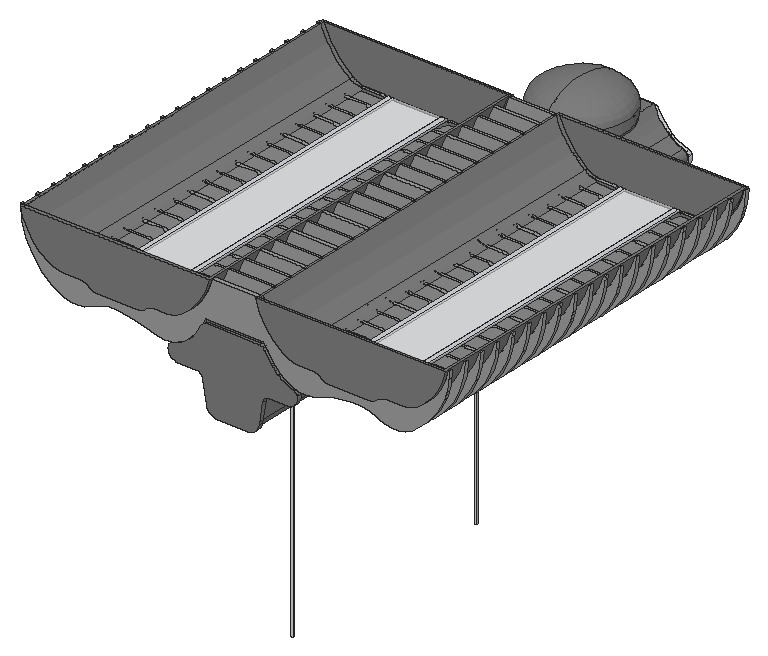
Revit family "0039273 Feilo Sylvania Lighting Fixtures SYLBAY LED 4000K 18-5KLM WIDE 1-10V PIR", category Lighting Fixtures, host Face, Revit 2017
Family settings
  Host = Face
  Round Connector Dimension = Use Diameter
  Part Type = Normal
  OmniClass Number = 23.80.70.00
  OmniClass Title = Lighting
  Cut with Voids When Loaded = No
  Light Source = Yes
  Shared = No
  Room Calculation Point = No
Parameters (values of type "0039273 SYLBAY LED 4000K 18.5KLM WIDE 1-10V PIR")
  WireRadius_FEILO = 1 mm
  Weight = "5.1 kg"
  Wattage Comments = "n/a"
  Wattage = 145 W
  WarrantyStartDate [instance] = "n/a"
  WarrantyGuarantorParts = "n/a"
  WarrantyDurationUnit = "n/a"
  WarrantyDurationParts = "n/a"
  WarrantyDescription = "n/a"
  built-in parameter 1150110 = 1 (stored number, unit not read)
  Voltage = 230 V
  URL = "http://www.sylvania-lighting.com"
  TypeName = "SYLBAY LED 4000K 18.5KLM WIDE 1-10V PIR"
  Type Image = <None>
  Type Comments = "n/a"
  built-in parameter 1114217 = 1 (stored number, unit not read)
  Tilt Angle = -90.00°
  built-in parameter 1150109 = 1 (stored number, unit not read)
  built-in parameter 1150134 = 12
  SuspensionHeight_FEILO [instance] = if(SurfaceMounted_FEILO, 107 mm, SuspensionHeightEntry_FEILO)  # 300 mm
  SuspensionHeightEntry_FEILO [instance] = 300 mm
  SurfaceMounted_FEILO [instance] = no
  built-in parameter 1150113 = 1 (stored number, unit not read)
  SerialNumber [instance] = "n/a"
  ReflectorMaterial = none
  PowerFactor = 0
  PowerConsumption = "145 W"
  Photometric Web File = "0039273.ies"
  NominalLength = 430 mm
  NominalHeight = 105 mm
  NominalDepth = 375 mm
  Name = "SYLBAY LED 4000K 18.5KLM WIDE 1-10V PIR"
  ModelReference = "SYLBAY LED 4000K 18.5KLM WIDE 1-10V PIR"
  ModelNumber = "0039273"
  Model = "SYLBAY LED 4000K 18.5KLM WIDE 1-10V PIR"
  Material = "aluminium housing"
  ManufacturerName = "Feilo Sylvania"
  Manufacturer = "Feilo Sylvania"
  LuminousEfficacy = "130.67 lm/W"
  built-in parameter 1150105 = 11308.3 (stored number, unit not read)
  Lumens = 18947.1 lm
  LuminaireType = ""
  built-in parameter 1150115 = 1 (stored number, unit not read)
  LightOutputRatio = "100"
  built-in parameter 1150137 = (empty or 0)
  built-in parameter 1150139 = (empty or 0)
  LampsType = Lamp  # "LED"
  LampNominalLuminous = "18817 lm"
  LampMacAdamStep = "n/a"
  LampColourTemperature = "4000 K"
  LampColourRenderingIndex = "80"
  built-in parameter 1150112 = 1 (stored number, unit not read)
  built-in parameter 1150114 = 1 (stored number, unit not read)
  Lamp = "LED"
  Keynote = "16500"
  InstallationDate [instance] = "n/a"
  InputVoltage = "220-240V~"
  InputNominalFrequency = "50/60 Hz"
  built-in parameter 1150132 = (empty or 0)
  built-in parameter 1150102 = (empty or 0)
  built-in parameter 1150107 = 4000 (stored number, unit not read)
  built-in parameter 1150138 = (empty or 0)
  IngressProtection = "IP65"
  ImpactProtectionIndex = "IK08"
  built-in parameter 1150106 = 113.08 (stored number, unit not read)
  IfcExportType = "IfcLightFixtureType"
  IfcExportAs = "IfcLightFixtureType"
  ExpectedLife = 50000
  Emit from Rectangle Width = 365 mm
  Emit from Rectangle Length = 320 mm
  Emit Shape Visible in Rendering = no
  ElectricShockClassification = "Class I"
  built-in parameter 1150104 = 12.14 (stored number, unit not read)
  DurationUnit = "hours"
  DocumentationLiterature = "http://www.sylvania-lighting.com/product/en-int/products/0039273"
  DimmingControlOptions = "Dimmable"
  Dimming Lamp Color Temperature Shift = <None>
  DiffuserMaterial = Diffuser-Sylvania-Sylbay-Transparent
  Description = "Specification industrial high bay luminaire, robust and durable, slim design, high output and efficiency, lightweight, aluminium housing with shatter-resistant polycarbonate lens optic, 18,800 lumens, 145W, 130lm/W, 4000K, 2100mA, CRI 80, wide beam optic, 1-10V dimmable, integral PIR sensor with daylight/occupancy detection, IP65, IK08, 100,000 hrs (L90B10), (LxWxH) 330x375x105mm, 3 step MacAdam ellipse, 4.6kg, aluminium finish, Class 1, 220-240V, integrated LED, energy class: A++, A+, A."
  Default Elevation = 1219.2 mm
  CreatedOn = "17/11/2017"
  CreatedBy = ""
  Cost = 0
  Color Filter = 16777215
  built-in parameter 1114216 [instance] = (empty or 0)
  BodyMaterial = Body-Sylvania-Sylbay-Aluminium
  BarCode [instance] = "n/a"
  built-in parameter 1114218 = 1 (stored number, unit not read)
  built-in parameter 1150133 = 10 (stored number, unit not read)
  AssetType = "Fixed"
  AssetIdentifier [instance] = "n/a"
  Assembly Code = "D5020200"
  Apparent Load = 145 VA
  AccessoryMaterial = Accesory-Sylvania-Sylbay-White
Reference planes
  plane 1 "Center (Front/Back)": y = 0
  plane 2: z = 0
  plane 3 "Center (Left/Right)": x = 0
  plane 4: z = 300
  plane 5: y = -162
  plane 6: y = 100
  plane 7: y = -100
  plane 8: z = 237.522
  plane 9: z = 246.272
  plane 10: z = 227.522
  plane 11: z = 266.272
  plane 12: z = 256.272
  plane 13: z = 262.272
  plane 14: y = 262
  plane 15: y = -8.075
  plane 16: y = 8.075
  plane 17: y = -165
  plane 18: y = 265
  plane 19: z = 195
  plane 20: z = 193
  plane 21: y = 165
  plane 22: y = 215
  plane 23: y = 175
  plane 24: y = 255
  plane 25: z = 278.272
  plane 26: y = 176
  plane 27: y = 254
Forms (mm)
  Extrusion 1, solid, material "Accesory-Sylvania-Sylbay-White" <- "AccessoryMaterial"
    sketch origin (0, 0, 0) x (1, 0, 0) y (0, 0, 1)
      loop
        arc (-39.258, 246.272) -> (-44.534, 242.283) -> (-50.507, 239.445) r 32.519
        arc (-50.507, 239.445) -> (-54.463, 232.388) -> (-48, 227.522) r 6.147
        line (-48, 227.522) -> (-32.102, 227.522)
        arc (-32.102, 227.522) -> (-26.92, 225.616) -> (-24.206, 220.808) r 8
        line (-24.206, 220.808) -> (-21.094, 201.713)
        arc (-21.094, 201.713) -> (-18.38, 196.905) -> (-13.198, 195) r 8
        line (-13.198, 195) -> (13.198, 195)
        arc (13.198, 195) -> (18.393, 196.916) -> (21.099, 201.746) r 8
        line (21.099, 201.746) -> (24.206, 220.808)
        arc (24.206, 220.808) -> (26.92, 225.616) -> (32.102, 227.522) r 8
        line (32.102, 227.522) -> (48, 227.522)
        arc (48, 227.522) -> (54.463, 232.388) -> (50.507, 239.445) r 6.147
        arc (50.507, 239.445) -> (44.534, 242.283) -> (39.258, 246.272) r 32.519
        arc (39.258, 246.272) -> (31.199, 255.531) -> (25.254, 266.272) r 58.361
        line (25.254, 266.272) -> (-25.254, 266.272)
        arc (-25.254, 266.272) -> (-31.199, 255.531) -> (-39.258, 246.272) r 58.361
    from -262 to 162
  Extrusion 2, solid, material "Body-Sylvania-Sylbay-Aluminium" <- "BodyMaterial", detail levels medium+fine
    sketch origin (0, 0, 0) x (1, 0, 0) y (0, 0, 1)
      loop
        arc (-32.102, 225.522) -> (-28.215, 224.093) -> (-26.18, 220.487) r 6
        line (-26.18, 220.487) -> (-23.068, 201.392)
        arc (-23.068, 201.392) -> (-19.676, 195.381) -> (-13.198, 193) r 10
        line (-13.198, 193) -> (13.198, 193)
        arc (13.198, 193) -> (19.69, 195.393) -> (23.074, 201.428) r 10
        line (23.074, 201.428) -> (26.18, 220.487)
        arc (26.18, 220.487) -> (28.215, 224.093) -> (32.102, 225.522) r 6
        line (32.102, 225.522) -> (47.932, 225.522)
        arc (47.932, 225.522) -> (54.718, 228.451) -> (56.343, 235.661) r 8.147
        arc (56.343, 235.661) -> (55.292, 237.506) -> (53.445, 238.553) r 4
        arc (53.445, 238.553) -> (45.865, 241.518) -> (39.258, 246.272) r 32.519
        arc (39.258, 246.272) -> (32.89, 253.237) -> (27.728, 261.137) r 58.361
        arc (27.728, 261.137) -> (25.523, 263.429) -> (22.456, 264.272) r 6
        line (22.456, 264.272) -> (-22.456, 264.272)
        arc (-22.456, 264.272) -> (-25.523, 263.429) -> (-27.728, 261.137) r 6
        arc (-27.728, 261.137) -> (-32.89, 253.237) -> (-39.258, 246.272) r 58.361
        arc (-39.258, 246.272) -> (-45.865, 241.518) -> (-53.445, 238.553) r 32.519
        arc (-53.445, 238.553) -> (-55.292, 237.506) -> (-56.343, 235.661) r 4
        arc (-56.343, 235.661) -> (-54.718, 228.451) -> (-47.932, 225.522) r 8.147
        line (-47.932, 225.522) -> (-32.102, 225.522)
    from 162 to 165
  Extrusion 3, solid, detail levels medium+fine
    sketch origin (0, 0, 0) x (1, 0, 0) y (0, 0, 1)
      loop
        line (-47.932, 225.522) -> (-32.102, 225.522)
        arc (-32.102, 225.522) -> (-28.215, 224.093) -> (-26.18, 220.487) r 6
        line (-26.18, 220.487) -> (-23.068, 201.392)
        arc (-23.068, 201.392) -> (-19.676, 195.381) -> (-13.198, 193) r 10
        line (-13.198, 193) -> (13.198, 193)
        arc (13.198, 193) -> (19.69, 195.393) -> (23.074, 201.428) r 10
        line (23.074, 201.428) -> (26.18, 220.487)
        arc (26.18, 220.487) -> (28.215, 224.093) -> (32.102, 225.522) r 6
        line (32.102, 225.522) -> (47.932, 225.522)
        arc (47.932, 225.522) -> (54.718, 228.451) -> (56.343, 235.661) r 8.147
        arc (56.343, 235.661) -> (55.292, 237.506) -> (53.445, 238.553) r 4
        arc (53.445, 238.553) -> (45.865, 241.518) -> (39.258, 246.272) r 32.519
        arc (39.258, 246.272) -> (32.89, 253.237) -> (27.728, 261.137) r 58.361
        arc (27.728, 261.137) -> (25.523, 263.429) -> (22.456, 264.272) r 6
        line (22.456, 264.272) -> (-22.456, 264.272)
        arc (-22.456, 264.272) -> (-25.523, 263.429) -> (-27.728, 261.137) r 6
        arc (-27.728, 261.137) -> (-32.89, 253.237) -> (-39.258, 246.272) r 58.361
        arc (-39.258, 246.272) -> (-45.865, 241.518) -> (-53.445, 238.553) r 32.519
        arc (-53.445, 238.553) -> (-55.292, 237.506) -> (-56.343, 235.661) r 4
        arc (-56.343, 235.661) -> (-54.718, 228.451) -> (-47.932, 225.522) r 8.147
    from -265 to -262
  Extrusion 4, solid
    sketch origin (-316.531, -4572, 195) x (-1, 0, 0) y (0, -1, 0)
      loop
        circle (-316.531, -4672) r 1
      loop
        circle (-316.531, -4472) r 1
    from 0 to -195
  Revolve 5, solid, material "Body-Sylvania-Sylbay-Aluminium" <- "BodyMaterial"
    sketch origin (0, 0, 0) x (0, 1, 0) y (0, 0, 1)
      loop
        arc (175.771, 269.022) -> (176.729, 267.064) -> (178.76, 266.272) r 3
        line (178.76, 266.272) -> (215, 266.272) -> (215, 278.272) -> (175, 278.272) -> (175.771, 269.022)
      axis (215, 266.272) -> (215, 278.272)
    angle from 360 to 0
  Revolve 6, solid, material "Accesory-Sylvania-Sylbay-White" <- "AccessoryMaterial"
    sketch origin (0, 0, 0) x (0, 1, 0) y (0, 0, 1)
      loop
        line (175, 278.272) -> (215, 278.272) -> (215, 300)
        spline (215, 300) -> (209.779, 299.814) -> (204.647, 299.26) -> (199.693, 298.346) -> (195, 297.089) -> (190.65, 295.51) -> (186.716, 293.636) -> (183.266, 291.499) -> (180.359, 289.136) -> (178.045, 286.587) -> (176.363, 283.895) -> (175.342, 281.108) -> (175, 278.272)
      axis (215, 278.272) -> (215, 300)
    angle from 360 to 0
Dimensions and locks
  "SuspensionHeight_FEILO": plane 4 to plane 2
  equal spacing: plane 7, plane 1 "Center (Front/Back)", plane 6
  locked: plane 1 "Center (Front/Back)" to plane 6 at 100
  locked: plane 4 to plane 8 at 62.478
  locked: plane 4 to plane 9 at 53.728
  plane 4 to plane 10 = 72.478 mm
  locked: plane 4 to plane 11 at 33.728
  locked: plane 12 to plane 9 at 10
  locked: plane 13 to plane 12 at 6
  locked: plane 3 "Center (Left/Right)" to Extrusion 1 sketch curve at 48.447
  locked: Extrusion 1 sketch curve to plane 3 "Center (Left/Right)" at 48.447
  locked: plane 4 to Extrusion 1 sketch curve at 66.347  (x2)
  Extrusion 1 sketch curve to plane 3 "Center (Left/Right)" to Extrusion 1 sketch curve = 13.198 mm locked, 13.198 mm locked
  Extrusion 1 sketch curve to plane 3 "Center (Left/Right)" to Extrusion 1 sketch curve = 32.102 mm locked, 32.102 mm locked
  locked: plane 4 to Extrusion 1 sketch curve at 97  (x2)
  locked: plane 4 to Extrusion 1 sketch curve at 80.478  (x2)
  equal spacing: plane 15, plane 1 "Center (Front/Back)", plane 16
  locked: plane 15 to plane 16 at 16.15
  locked: plane 10 to Extrusion 2 sketch curve at 2
  plane 10 to Extrusion 2 sketch curve = 2 mm
  locked: Extrusion 2 sketch curve to Extrusion 1 at 2  (x2)
  locked: Extrusion 2 sketch curve to plane 3 "Center (Left/Right)" at 52.466
  locked: plane 3 "Center (Left/Right)" to Extrusion 2 sketch curve at 52.466
  locked: plane 4 to Extrusion 2 sketch curve at 65.325  (x2)
  locked: plane 4 to Extrusion 2 sketch curve at 41.728  (x2)
  locked: plane 3 "Center (Left/Right)" to Extrusion 2 sketch curve at 22.456
  locked: Extrusion 2 sketch curve to plane 3 "Center (Left/Right)" at 22.456
  locked: plane 4 to plane 19 at 105
  locked: plane 19 to plane 20 at 2
  locked: plane 1 "Center (Front/Back)" to plane 18 at 265
  locked: plane 14 to plane 18 at 3
  locked: plane 17 to plane 1 "Center (Front/Back)" at 165
  locked: plane 17 to plane 5 at 3
  locked: plane 21 to plane 18 at 100
  locked: plane 21 to plane 22 at 50
  equal spacing: plane 23, plane 22, plane 24
  locked: plane 23 to plane 22 at 40
  equal spacing: plane 26, plane 22, plane 27
  locked: plane 23 to plane 26 at 1
  locked: plane 25 to plane 11 at 12
  locked: Revolve 5 sketch curve to plane 11 at 3
  locked: Revolve 5 sketch curve to plane 22 at 36.24
  "WireRadius_FEILO": radius of Extrusion 4 sketch curve  (x2)
  aligned and locked: plane 2 to host face
  aligned and locked: level to host face
  aligned and locked: plane 10 to Extrusion 1 sketch curve
  aligned and locked: plane 5 to Extrusion 1
  aligned and locked: Extrusion 1 to plane 14
  aligned and locked: imposter light to plane 4
  aligned and locked: plane 3 "Center (Left/Right)" to imposter light
  aligned and locked: plane 1 "Center (Front/Back)" to imposter light
  aligned and locked: plane 17 to Extrusion 2
  aligned and locked: Extrusion 2 to plane 5
  aligned and locked: Extrusion 3 sketch curve to Extrusion 2  (x15)
  aligned and locked: Extrusion 3 to Extrusion 1
  aligned and locked: Extrusion 3 to plane 18
  aligned and locked: Extrusion 1 sketch curve to plane 19
  aligned and locked: plane 7 to Extrusion 4 sketch curve
  aligned and locked: plane 3 "Center (Left/Right)" to Extrusion 4 sketch curve  (x2)
  aligned and locked: plane 6 to Extrusion 4 sketch curve
  aligned and locked: Extrusion 1 to Extrusion 4
  aligned and locked: Extrusion 4 to level
  aligned and locked: plane 20 to Extrusion 2 sketch curve
  aligned and locked: Revolve 5 sketch curve to plane 11
  aligned and locked: Revolve 5 sketch curve to plane 22  (x2)
  aligned and locked: Revolve 5 sketch curve to plane 25
  aligned and locked: Revolve 6 sketch curve to plane 22  (x2)
  aligned and locked: Revolve 6 sketch curve to Revolve 5
  aligned and locked: plane 4 to Revolve 6 sketch curve
  aligned and locked: plane 22 to Revolve 6 sketch curve
  aligned and locked: plane 3 "Center (Left/Right)" to nested 1
  aligned and locked: plane 1 "Center (Front/Back)" to nested 1
Automatic sketch dimensions
  host sketch curve to host sketch curve = 2438.4 mm  (x2)
  Extrusion 1 sketch curve to plane 9 = 0 mm  (x4)
  Extrusion 1 sketch curve to plane 10 = 0 mm
  plane 11 to Extrusion 1 sketch curve = 3.811 mm
  Extrusion 1 sketch curve to Extrusion 1 sketch curve = 36.151 mm  (x2)
  Extrusion 1 sketch curve to plane 4 = 10.994 mm  (x2)
  Extrusion 1 sketch curve to plane 11 = 0 mm
  plane 9 to Extrusion 1 sketch curve = 23.811 mm
  Extrusion 1 sketch curve to plane 10 = 6.713 mm  (x2)
  plane 19 to Extrusion 1 sketch curve = 6.713 mm
  Extrusion 3 sketch curve to plane 10 = 7.035 mm  (x2)
  plane 19 to Extrusion 3 sketch curve = 6.392 mm
  plane 19 to Extrusion 1 sketch curve = 6.746 mm
  plane 19 to Extrusion 3 sketch curve = 6.428 mm
  plane 3 "Center (Left/Right)" to Extrusion 1 sketch curve = 25.254 mm
  Extrusion 1 sketch curve to Extrusion 1 sketch curve = 0.447 mm  (x2)
  Extrusion 1 sketch curve to Extrusion 1 sketch curve = 12.959 mm
  Extrusion 2 sketch curve to plane 9 = 0 mm  (x4)
  plane 11 to Extrusion 2 sketch curve = 3.811 mm  (x2)
  Extrusion 2 sketch curve to Extrusion 2 sketch curve = 8.939 mm  (x2)
  Extrusion 2 sketch curve to plane 4 = 10.994 mm  (x2)
  Extrusion 2 sketch curve to Extrusion 2 sketch curve = 17.6 mm  (x2)
  Extrusion 2 sketch curve to Extrusion 2 sketch curve = 4.02 mm  (x2)
  Extrusion 2 sketch curve to Extrusion 2 sketch curve = 0.514 mm
  Extrusion 2 sketch curve to plane 10 = 8 mm
  Extrusion 2 sketch curve to plane 10 = 7.035 mm  (x2)
  plane 19 to Extrusion 2 sketch curve = 6.392 mm
  plane 19 to Extrusion 2 sketch curve = 8 mm
  plane 3 "Center (Left/Right)" to Extrusion 2 sketch curve = 13.198 mm
  plane 19 to Extrusion 2 sketch curve = 6.428 mm
  Extrusion 2 sketch curve to Extrusion 2 sketch curve = 5.922 mm
  Extrusion 2 sketch curve to Extrusion 2 sketch curve = 4.534 mm
  Extrusion 2 sketch curve to plane 8 = 3.869 mm  (x2)
  Extrusion 2 sketch curve to plane 11 = 2 mm
  Extrusion 2 sketch curve to Extrusion 2 sketch curve = 0 mm  (x2)
  Revolve 6 sketch curve to plane 23 = 0 mm
  Revolve 6 sketch curve to level = 309.6 mm
  plane 4 to Revolve 6 sketch curve = 2138.4 mm
  Revolve 5 sketch curve to plane 23 = 0 mm
  plane 26 to Revolve 5 sketch curve = 0.229 mm
  Revolve 5 sketch curve to level = 309.6 mm
  plane 4 to Revolve 5 sketch curve = 2138.4 mm
Nested families
  nested 1: "SylbayBody" at (0, 0, 266.272), type "SylbayBody"
  nested 2: "SlybayRib" at (0, 144.453, 300), type "SylbayRib"
  nested 3: "SlybayRib" at (0, 127.406, 300), type "SylbayRib"
  nested 4: "SlybayRib" at (0, 110.358, 300), type "SylbayRib"
  nested 5: "SlybayRib" at (0, 93.311, 300), type "SylbayRib"
  nested 6: "SlybayRib" at (0, 76.264, 300), type "SylbayRib"
  nested 7: "SlybayRib" at (0, 59.217, 300), type "SylbayRib"
  nested 8: "SlybayRib" at (0, 42.169, 300), type "SylbayRib"
  nested 9: "SlybayRib" at (0, 25.122, 300), type "SylbayRib"
  nested 10: "SlybayRib" at (0, 161.5, 300), type "SylbayRib"
  nested 11: "SlybayRib" at (0, -144.453, 300), type "SylbayRib"
  nested 12: "SlybayRib" at (0, -127.406, 300), type "SylbayRib"
  nested 13: "SlybayRib" at (0, -110.358, 300), type "SylbayRib"
  nested 14: "SlybayRib" at (0, -93.311, 300), type "SylbayRib"
  nested 15: "SlybayRib" at (0, -76.264, 300), type "SylbayRib"
  nested 16: "SlybayRib" at (0, -59.217, 300), type "SylbayRib"
  nested 17: "SlybayRib" at (0, -42.169, 300), type "SylbayRib"
  nested 18: "SlybayRib" at (0, -25.122, 300), type "SylbayRib"
  nested 19: "SlybayRib" at (0, -161.5, 300), type "SylbayRib"
  nested 20: "SlybayRib" at (0, 8.075, 300), type "SylbayRib"
  nested 21: "SlybayRib" at (0, -8.075, 300), type "SylbayRib"
Connectors
  electrical at (0, 0, 0), driven by "Apparent Load"
    settings: index 1, voltage 230 V, apparent load 145 VA, apparent load phase1 0 VA, apparent load phase2 0 VA, apparent load phase3 0 VA, power factor 0, load classification "Lighting", number of poles 1, system type 30, power factor state 1, is connector primary yes, connector utility no, sub classification motor no, connector description ""
Definition of nested family "SylbayBody"
  Parameters (values of type "SylbayBody")
    URL = "http://www.feilosylvania.com"
    Type Image = (empty or 0)
    Type Comments = "n/a"
    RibLast_FEILO = 161.5 mm
    RibDistance_FEILO = RibLast_FEILO / 10  # 16.15 mm
    ReflectorMaterial = none
    Model = ""
    Manufacturer = "Feilo Sylvania"
    Keynote = ""
    DiffuserMaterial = none
    Description = "n/a"
    Default Elevation = 1219.2 mm
    Cost = 0
    BodyMaterial = none
    Assembly Code = "D5020200"
    AccessoryMaterial = none
  Reference planes
    plane 1 "Center (Front/Back)": y = 0
    plane 2: z = 0
    plane 3 "Center (Left/Right)": x = 0
    plane 4: x = -187.5
    plane 5: x = 187.5
    plane 6: z = 33.728
    plane 7: y = -165
    plane 8: y = 165
    plane 9: y = -148
    plane 10: y = 160
    plane 11: y = -160
    plane 12: z = -28.75
    plane 13: z = -20
    plane 14: x = -102.75
    plane 15: x = 102.75
    plane 16: z = 0
    plane 17: x = -185.5
    plane 18: x = -20
    plane 19: z = -10
    plane 20: x = -122.75
    plane 21: x = -82.75
    plane 22: z = -4
    plane 23: x = -130.75
    plane 24: x = -74.75
    plane 25: x = -145.75
    plane 26: x = -59.75
    plane 27: x = -25.3
    plane 28: x = -183.5
    plane 29: x = -22
    plane 30: y = -163
    plane 31: y = 163
    plane 32: x = 25.3
    plane 33: x = -48
    plane 34: x = 48
    plane 35: x = 20
    plane 36: y = 148
    plane 37: y = -161.5
    plane 38: y = 161.5
    plane 39: y = -8.075
    plane 40: y = 8.075
    plane 41: y = -151
    plane 42: y = 151
    plane 43: y = 149
    plane 44: y = 152
    plane 45: z = -2
    plane 46: z = 0
  Forms (mm)
    Extrusion 1, solid
      sketch origin (4.2, 0, 0) x (1, 0, 0) y (0, 1, 0)
        loop
          line (-1219.2, 1219.2) -> (-1219.2, -1219.2) -> (1219.2, -1219.2) -> (1219.2, 1219.2) -> (-1219.2, 1219.2)
      from 0 to -304.8
    Extrusion 2, solid, material <- "BodyMaterial", detail levels coarse+medium
      sketch origin (0, 0, -234.25) x (1, 0, 0) y (0, 0, 1)
        loop
          arc (-187.5, 267.978) -> (-180.003, 237.85) -> (-159.829, 214.25) r 67.598
          arc (-159.829, 214.25) -> (-143.258, 206.411) -> (-125.169, 209.379) r 30.791
          arc (-125.169, 209.379) -> (-113.533, 213.402) -> (-101.25, 214.25) r 46.777
          arc (-101.25, 214.25) -> (-87.202, 212.214) -> (-73.664, 207.942) r 87.865
          arc (-73.664, 207.942) -> (-55.541, 206.076) -> (-39.258, 214.25) r 32.519
          arc (-39.258, 214.25) -> (-31.199, 223.509) -> (-25.254, 234.25) r 58.361
          line (-25.254, 234.25) -> (25.254, 234.25)
          arc (25.254, 234.25) -> (31.199, 223.509) -> (39.258, 214.25) r 58.361
          arc (39.258, 214.25) -> (55.541, 206.076) -> (73.664, 207.942) r 32.519
          arc (73.664, 207.942) -> (87.202, 212.214) -> (101.25, 214.25) r 87.865
          arc (101.25, 214.25) -> (113.533, 213.402) -> (125.169, 209.379) r 46.777
          arc (125.169, 209.379) -> (143.258, 206.411) -> (159.829, 214.25) r 30.791
          arc (159.829, 214.25) -> (180.003, 237.85) -> (187.5, 267.978) r 67.598
          line (187.5, 267.978) -> (185.5, 267.978)
          arc (185.5, 267.978) -> (176.042, 248.665) -> (160.084, 234.25) r 56.823
          arc (160.084, 234.25) -> (153.191, 231.269) -> (145.75, 230.25) r 27.682
          line (145.75, 230.25) -> (132.583, 230.25)
          arc (132.583, 230.25) -> (129.421, 229.737) -> (126.583, 228.25) r 10
          line (126.583, 228.25) -> (123.917, 226.25)
          arc (123.917, 226.25) -> (121.079, 224.763) -> (117.917, 224.25) r 10
          line (117.917, 224.25) -> (84.583, 224.25)
          arc (84.583, 224.25) -> (81.421, 224.763) -> (78.583, 226.25) r 10
          line (78.583, 226.25) -> (75.917, 228.25)
          arc (75.917, 228.25) -> (73.079, 229.737) -> (69.917, 230.25) r 10
          line (69.917, 230.25) -> (58.25, 230.25)
          arc (58.25, 230.25) -> (51.55, 231.273) -> (45.461, 234.25) r 22.443
          arc (45.461, 234.25) -> (30.027, 249.073) -> (20, 267.978) r 67.602
          line (20, 267.978) -> (-20, 267.978)
          arc (-20, 267.978) -> (-30.027, 249.073) -> (-45.461, 234.25) r 67.602
          arc (-45.461, 234.25) -> (-51.55, 231.273) -> (-58.25, 230.25) r 22.443
          line (-58.25, 230.25) -> (-69.917, 230.25)
          arc (-69.917, 230.25) -> (-73.079, 229.737) -> (-75.917, 228.25) r 10
          line (-75.917, 228.25) -> (-78.583, 226.25)
          arc (-78.583, 226.25) -> (-81.421, 224.763) -> (-84.583, 224.25) r 10
          line (-84.583, 224.25) -> (-117.917, 224.25)
          arc (-117.917, 224.25) -> (-121.079, 224.763) -> (-123.917, 226.25) r 10
          line (-123.917, 226.25) -> (-126.583, 228.25)
          arc (-126.583, 228.25) -> (-129.421, 229.737) -> (-132.583, 230.25) r 10
          line (-132.583, 230.25) -> (-145.75, 230.25)
          arc (-145.75, 230.25) -> (-153.191, 231.269) -> (-160.084, 234.25) r 27.682
          arc (-160.084, 234.25) -> (-176.042, 248.665) -> (-185.5, 267.978) r 56.823
          line (-185.5, 267.978) -> (-187.5, 267.978)
      from 160 to -160
    Extrusion 3, solid, material <- "BodyMaterial"
      sketch origin (0, 0, -234.25) x (1, 0, 0) y (0, 0, 1)
        loop
          arc (-145.75, 230.25) -> (-152.168, 231.276) -> (-157.947, 234.25) r 20.597
          arc (-157.947, 234.25) -> (-173.175, 249.257) -> (-183.5, 267.978) r 74.319
          line (-183.5, 267.978) -> (-185.5, 267.978)
          arc (-185.5, 267.978) -> (-176.042, 248.665) -> (-160.084, 234.25) r 56.823
          arc (-160.084, 234.25) -> (-153.191, 231.269) -> (-145.75, 230.25) r 27.682
        loop
          arc (-45.461, 234.25) -> (-30.027, 249.073) -> (-20, 267.978) r 67.602
          line (-20, 267.978) -> (-22, 267.978)
          arc (-22, 267.978) -> (-31.964, 249.398) -> (-46.63, 234.25) r 76.357
          arc (-46.63, 234.25) -> (-52.105, 231.278) -> (-58.25, 230.25) r 18.878
          arc (-58.25, 230.25) -> (-51.55, 231.273) -> (-45.461, 234.25) r 22.443
        loop
          arc (145.75, 230.25) -> (153.191, 231.269) -> (160.084, 234.25) r 27.682
          arc (160.084, 234.25) -> (176.042, 248.665) -> (185.5, 267.978) r 56.823
          line (185.5, 267.978) -> (183.5, 267.978)
          arc (183.5, 267.978) -> (173.175, 249.257) -> (157.947, 234.25) r 74.319
          arc (157.947, 234.25) -> (152.168, 231.276) -> (145.75, 230.25) r 20.597
        loop
          arc (45.461, 234.25) -> (51.55, 231.273) -> (58.25, 230.25) r 22.443
          arc (58.25, 230.25) -> (52.105, 231.278) -> (46.63, 234.25) r 18.878
          arc (46.63, 234.25) -> (31.964, 249.398) -> (22, 267.978) r 76.357
          line (22, 267.978) -> (20, 267.978)
          arc (20, 267.978) -> (30.027, 249.073) -> (45.461, 234.25) r 67.602
      from -160 to 160
    Extrusion 4, solid, material <- "BodyMaterial"
      sketch origin (0, -165, -843.85) x (0, 0, -1) y (1, 0, 0)
        loop
          arc (-837.85, -132.583) -> (-837.439, -130.054) -> (-836.25, -127.783) r 8
          line (-836.25, -127.783) -> (-834.25, -125.117)
          arc (-834.25, -125.117) -> (-832.466, -121.711) -> (-831.85, -117.917) r 12
          line (-831.85, -117.917) -> (-831.85, -84.583)
          arc (-831.85, -84.583) -> (-832.466, -80.789) -> (-834.25, -77.383) r 12
          line (-834.25, -77.383) -> (-836.25, -74.717)
          arc (-836.25, -74.717) -> (-837.439, -72.446) -> (-837.85, -69.917) r 8
          line (-837.85, -69.917) -> (-837.85, -58.25)
          arc (-837.85, -58.25) -> (-838.965, -50.953) -> (-842.206, -44.322) r 24.443
          arc (-842.206, -44.322) -> (-857.666, -28.923) -> (-877.578, -20) r 60.581
          line (-877.578, -20) -> (-877.578, -22)
          arc (-877.578, -22) -> (-858.998, -31.964) -> (-843.85, -46.63) r 76.357
          arc (-843.85, -46.63) -> (-840.878, -52.105) -> (-839.85, -58.25) r 18.878
          line (-839.85, -58.25) -> (-839.85, -69.917)
          arc (-839.85, -69.917) -> (-839.337, -73.079) -> (-837.85, -75.917) r 10
          line (-837.85, -75.917) -> (-835.85, -78.583)
          arc (-835.85, -78.583) -> (-834.363, -81.421) -> (-833.85, -84.583) r 10
          line (-833.85, -84.583) -> (-833.85, -117.917)
          arc (-833.85, -117.917) -> (-834.363, -121.079) -> (-835.85, -123.917) r 10
          line (-835.85, -123.917) -> (-837.85, -126.583)
          arc (-837.85, -126.583) -> (-839.337, -129.421) -> (-839.85, -132.583) r 10
          line (-839.85, -132.583) -> (-839.85, -145.75)
          arc (-839.85, -145.75) -> (-840.876, -152.168) -> (-843.85, -157.947) r 20.597
          arc (-843.85, -157.947) -> (-858.857, -173.175) -> (-877.578, -183.5) r 74.319
          line (-877.578, -183.5) -> (-877.578, -185.5)
          arc (-877.578, -185.5) -> (-857.235, -177.123) -> (-842.139, -161.119) r 52.287
          arc (-842.139, -161.119) -> (-838.942, -153.728) -> (-837.85, -145.75) r 29.682
          line (-837.85, -145.75) -> (-837.85, -132.583)
        loop
          line (-837.85, 132.583) -> (-837.85, 145.75)
          arc (-837.85, 145.75) -> (-838.942, 153.728) -> (-842.139, 161.119) r 29.682
          arc (-842.139, 161.119) -> (-857.235, 177.123) -> (-877.578, 185.5) r 52.287
          line (-877.578, 185.5) -> (-877.578, 183.5)
          arc (-877.578, 183.5) -> (-858.857, 173.175) -> (-843.85, 157.947) r 74.319
          arc (-843.85, 157.947) -> (-840.876, 152.168) -> (-839.85, 145.75) r 20.597
          line (-839.85, 145.75) -> (-839.85, 132.583)
          arc (-839.85, 132.583) -> (-839.337, 129.421) -> (-837.85, 126.583) r 10
          line (-837.85, 126.583) -> (-835.85, 123.917)
          arc (-835.85, 123.917) -> (-834.363, 121.079) -> (-833.85, 117.917) r 10
          line (-833.85, 117.917) -> (-833.85, 84.583)
          arc (-833.85, 84.583) -> (-834.363, 81.421) -> (-835.85, 78.583) r 10
          line (-835.85, 78.583) -> (-837.85, 75.917)
          arc (-837.85, 75.917) -> (-839.337, 73.079) -> (-839.85, 69.917) r 10
          line (-839.85, 69.917) -> (-839.85, 58.25)
          arc (-839.85, 58.25) -> (-840.878, 52.105) -> (-843.85, 46.63) r 18.878
          arc (-843.85, 46.63) -> (-858.998, 31.964) -> (-877.578, 22) r 76.357
          line (-877.578, 22) -> (-877.578, 20)
          arc (-877.578, 20) -> (-857.666, 28.923) -> (-842.206, 44.322) r 60.581
          arc (-842.206, 44.322) -> (-838.965, 50.953) -> (-837.85, 58.25) r 24.443
          line (-837.85, 58.25) -> (-837.85, 69.917)
          arc (-837.85, 69.917) -> (-837.439, 72.446) -> (-836.25, 74.717) r 8
          line (-836.25, 74.717) -> (-834.25, 77.383)
          arc (-834.25, 77.383) -> (-832.466, 80.789) -> (-831.85, 84.583) r 12
          line (-831.85, 84.583) -> (-831.85, 117.917)
          arc (-831.85, 117.917) -> (-832.466, 121.711) -> (-834.25, 125.117) r 12
          line (-834.25, 125.117) -> (-836.25, 127.783)
          arc (-836.25, 127.783) -> (-837.439, 130.054) -> (-837.85, 132.583) r 8
      from -2 to -5
    Extrusion 5, solid, material <- "BodyMaterial"
      sketch origin (0, 165, -843.85) x (0, 0, -1) y (1, 0, 0)
        loop
          line (-831.85, -117.917) -> (-831.85, -84.583)
          arc (-831.85, -84.583) -> (-832.466, -80.789) -> (-834.25, -77.383) r 12
          line (-834.25, -77.383) -> (-836.25, -74.717)
          arc (-836.25, -74.717) -> (-837.439, -72.446) -> (-837.85, -69.917) r 8
          line (-837.85, -69.917) -> (-837.85, -58.25)
          arc (-837.85, -58.25) -> (-838.965, -50.953) -> (-842.206, -44.322) r 24.443
          arc (-842.206, -44.322) -> (-857.666, -28.923) -> (-877.578, -20) r 60.581
          line (-877.578, -20) -> (-877.578, -22)
          arc (-877.578, -22) -> (-858.998, -31.964) -> (-843.85, -46.63) r 76.357
          arc (-843.85, -46.63) -> (-840.878, -52.105) -> (-839.85, -58.25) r 18.878
          line (-839.85, -58.25) -> (-839.85, -69.917)
          arc (-839.85, -69.917) -> (-839.337, -73.079) -> (-837.85, -75.917) r 10
          line (-837.85, -75.917) -> (-835.85, -78.583)
          arc (-835.85, -78.583) -> (-834.363, -81.421) -> (-833.85, -84.583) r 10
          line (-833.85, -84.583) -> (-833.85, -117.917)
          arc (-833.85, -117.917) -> (-834.363, -121.079) -> (-835.85, -123.917) r 10
          line (-835.85, -123.917) -> (-837.85, -126.583)
          arc (-837.85, -126.583) -> (-839.337, -129.421) -> (-839.85, -132.583) r 10
          line (-839.85, -132.583) -> (-839.85, -145.75)
          arc (-839.85, -145.75) -> (-840.876, -152.168) -> (-843.85, -157.947) r 20.597
          arc (-843.85, -157.947) -> (-858.857, -173.175) -> (-877.578, -183.5) r 74.319
          line (-877.578, -183.5) -> (-877.578, -185.5)
          arc (-877.578, -185.5) -> (-857.235, -177.123) -> (-842.139, -161.119) r 52.287
          arc (-842.139, -161.119) -> (-838.942, -153.728) -> (-837.85, -145.75) r 29.682
          line (-837.85, -145.75) -> (-837.85, -132.583)
          arc (-837.85, -132.583) -> (-837.439, -130.054) -> (-836.25, -127.783) r 8
          line (-836.25, -127.783) -> (-834.25, -125.117)
          arc (-834.25, -125.117) -> (-832.466, -121.711) -> (-831.85, -117.917) r 12
        loop
          line (-831.85, 84.583) -> (-831.85, 117.917)
          arc (-831.85, 117.917) -> (-832.466, 121.711) -> (-834.25, 125.117) r 12
          line (-834.25, 125.117) -> (-836.25, 127.783)
          arc (-836.25, 127.783) -> (-837.439, 130.054) -> (-837.85, 132.583) r 8
          line (-837.85, 132.583) -> (-837.85, 145.75)
          arc (-837.85, 145.75) -> (-838.942, 153.728) -> (-842.139, 161.119) r 29.682
          arc (-842.139, 161.119) -> (-857.235, 177.123) -> (-877.578, 185.5) r 52.287
          line (-877.578, 185.5) -> (-877.578, 183.5)
          arc (-877.578, 183.5) -> (-858.857, 173.175) -> (-843.85, 157.947) r 74.319
          arc (-843.85, 157.947) -> (-840.876, 152.168) -> (-839.85, 145.75) r 20.597
          line (-839.85, 145.75) -> (-839.85, 132.583)
          arc (-839.85, 132.583) -> (-839.337, 129.421) -> (-837.85, 126.583) r 10
          line (-837.85, 126.583) -> (-835.85, 123.917)
          arc (-835.85, 123.917) -> (-834.363, 121.079) -> (-833.85, 117.917) r 10
          line (-833.85, 117.917) -> (-833.85, 84.583)
          arc (-833.85, 84.583) -> (-834.363, 81.421) -> (-835.85, 78.583) r 10
          line (-835.85, 78.583) -> (-837.85, 75.917)
          arc (-837.85, 75.917) -> (-839.337, 73.079) -> (-839.85, 69.917) r 10
          line (-839.85, 69.917) -> (-839.85, 58.25)
          arc (-839.85, 58.25) -> (-840.878, 52.105) -> (-843.85, 46.63) r 18.878
          arc (-843.85, 46.63) -> (-858.998, 31.964) -> (-877.578, 22) r 76.357
          line (-877.578, 22) -> (-877.578, 20)
          arc (-877.578, 20) -> (-857.666, 28.923) -> (-842.206, 44.322) r 60.581
          arc (-842.206, 44.322) -> (-838.965, 50.953) -> (-837.85, 58.25) r 24.443
          line (-837.85, 58.25) -> (-837.85, 69.917)
          arc (-837.85, 69.917) -> (-837.439, 72.446) -> (-836.25, 74.717) r 8
          line (-836.25, 74.717) -> (-834.25, 77.383)
          arc (-834.25, 77.383) -> (-832.466, 80.789) -> (-831.85, 84.583) r 12
      from 2 to 5
    Extrusion 6, solid, material <- "BodyMaterial"
      sketch origin (0, 165, -843.85) x (0, 0, -1) y (1, 0, 0)
        loop
          arc (-842.206, -44.322) -> (-857.666, -28.923) -> (-877.578, -20) r 60.581
          line (-877.578, -20) -> (-877.578, -185.5)
          arc (-877.578, -185.5) -> (-857.235, -177.123) -> (-842.139, -161.119) r 52.287
          arc (-842.139, -161.119) -> (-838.942, -153.728) -> (-837.85, -145.75) r 29.682
          line (-837.85, -145.75) -> (-837.85, -132.583)
          arc (-837.85, -132.583) -> (-837.439, -130.054) -> (-836.25, -127.783) r 8
          line (-836.25, -127.783) -> (-834.25, -125.117)
          arc (-834.25, -125.117) -> (-832.466, -121.711) -> (-831.85, -117.917) r 12
          line (-831.85, -117.917) -> (-831.85, -84.583)
          arc (-831.85, -84.583) -> (-832.466, -80.789) -> (-834.25, -77.383) r 12
          line (-834.25, -77.383) -> (-836.25, -74.717)
          arc (-836.25, -74.717) -> (-837.439, -72.446) -> (-837.85, -69.917) r 8
          line (-837.85, -69.917) -> (-837.85, -58.25)
          arc (-837.85, -58.25) -> (-838.965, -50.953) -> (-842.206, -44.322) r 24.443
        loop
          arc (-877.578, 20) -> (-857.666, 28.923) -> (-842.206, 44.322) r 60.581
          arc (-842.206, 44.322) -> (-838.965, 50.953) -> (-837.85, 58.25) r 24.443
          line (-837.85, 58.25) -> (-837.85, 69.917)
          arc (-837.85, 69.917) -> (-837.439, 72.446) -> (-836.25, 74.717) r 8
          line (-836.25, 74.717) -> (-834.25, 77.383)
          arc (-834.25, 77.383) -> (-832.466, 80.789) -> (-831.85, 84.583) r 12
          line (-831.85, 84.583) -> (-831.85, 117.917)
          arc (-831.85, 117.917) -> (-832.466, 121.711) -> (-834.25, 125.117) r 12
          line (-834.25, 125.117) -> (-836.25, 127.783)
          arc (-836.25, 127.783) -> (-837.439, 130.054) -> (-837.85, 132.583) r 8
          line (-837.85, 132.583) -> (-837.85, 145.75)
          arc (-837.85, 145.75) -> (-838.942, 153.728) -> (-842.139, 161.119) r 29.682
          arc (-842.139, 161.119) -> (-857.235, 177.123) -> (-877.578, 185.5) r 52.287
          line (-877.578, 185.5) -> (-877.578, 20)
      from 0 to 2
    Extrusion 7, solid, material <- "BodyMaterial"
      sketch origin (0, -165, -843.85) x (0, 0, -1) y (1, 0, 0)
        loop
          line (-877.578, -20) -> (-877.578, -185.5)
          arc (-877.578, -185.5) -> (-857.235, -177.123) -> (-842.139, -161.119) r 52.287
          arc (-842.139, -161.119) -> (-838.942, -153.728) -> (-837.85, -145.75) r 29.682
          line (-837.85, -145.75) -> (-837.85, -132.583)
          arc (-837.85, -132.583) -> (-837.439, -130.054) -> (-836.25, -127.783) r 8
          line (-836.25, -127.783) -> (-834.25, -125.117)
          arc (-834.25, -125.117) -> (-832.466, -121.711) -> (-831.85, -117.917) r 12
          line (-831.85, -117.917) -> (-831.85, -84.583)
          arc (-831.85, -84.583) -> (-832.466, -80.789) -> (-834.25, -77.383) r 12
          line (-834.25, -77.383) -> (-836.25, -74.717)
          arc (-836.25, -74.717) -> (-837.439, -72.446) -> (-837.85, -69.917) r 8
          line (-837.85, -69.917) -> (-837.85, -58.25)
          arc (-837.85, -58.25) -> (-838.965, -50.953) -> (-842.206, -44.322) r 24.443
          arc (-842.206, -44.322) -> (-857.666, -28.923) -> (-877.578, -20) r 60.581
        loop
          line (-877.578, 185.5) -> (-877.578, 20)
          arc (-877.578, 20) -> (-857.666, 28.923) -> (-842.206, 44.322) r 60.581
          arc (-842.206, 44.322) -> (-838.965, 50.953) -> (-837.85, 58.25) r 24.443
          line (-837.85, 58.25) -> (-837.85, 69.917)
          arc (-837.85, 69.917) -> (-837.439, 72.446) -> (-836.25, 74.717) r 8
          line (-836.25, 74.717) -> (-834.25, 77.383)
          arc (-834.25, 77.383) -> (-832.466, 80.789) -> (-831.85, 84.583) r 12
          line (-831.85, 84.583) -> (-831.85, 117.917)
          arc (-831.85, 117.917) -> (-832.466, 121.711) -> (-834.25, 125.117) r 12
          line (-834.25, 125.117) -> (-836.25, 127.783)
          arc (-836.25, 127.783) -> (-837.439, 130.054) -> (-837.85, 132.583) r 8
          line (-837.85, 132.583) -> (-837.85, 145.75)
          arc (-837.85, 145.75) -> (-838.942, 153.728) -> (-842.139, 161.119) r 29.682
          arc (-842.139, 161.119) -> (-857.235, 177.123) -> (-877.578, 185.5) r 52.287
      from 0 to -2
    Extrusion 8, solid, detail levels medium+fine
      sketch origin (0, 0, -234.25) x (1, 0, 0) y (0, 0, 1)
        loop
          arc (-123.917, 226.25) -> (-121.079, 224.763) -> (-117.917, 224.25) r 10
          line (-117.917, 224.25) -> (-84.583, 224.25)
          arc (-84.583, 224.25) -> (-81.421, 224.763) -> (-78.583, 226.25) r 10
          line (-78.583, 226.25) -> (-75.917, 228.25)
          arc (-75.917, 228.25) -> (-75.417, 229.25) -> (-75.917, 230.25) r 1.25
          line (-75.917, 230.25) -> (-79.782, 230.25) -> (-79.782, 228.278) -> (-122.75, 228.278) -> (-122.75, 230.25) -> (-126.583, 230.25)
          arc (-126.583, 230.25) -> (-127.083, 229.25) -> (-126.583, 228.25) r 1.25
          line (-126.583, 228.25) -> (-123.917, 226.25)
        loop
          line (123.917, 226.25) -> (126.583, 228.25)
          arc (126.583, 228.25) -> (127.083, 229.25) -> (126.583, 230.25) r 1.25
          line (126.583, 230.25) -> (122.75, 230.25) -> (122.75, 228.278) -> (79.782, 228.278) -> (79.782, 230.25) -> (75.917, 230.25)
          arc (75.917, 230.25) -> (75.417, 229.25) -> (75.917, 228.25) r 1.25
          line (75.917, 228.25) -> (78.583, 226.25)
          arc (78.583, 226.25) -> (81.421, 224.763) -> (84.583, 224.25) r 10
          line (84.583, 224.25) -> (117.917, 224.25)
          arc (117.917, 224.25) -> (121.079, 224.763) -> (123.917, 226.25) r 10
      from -163 to 163
    Extrusion 9, solid, material <- "DiffuserMaterial", detail levels medium+fine
      sketch origin (0, 0, -234.25) x (1, 0, 0) y (0, 0, 1)
        loop
          line (-122.75, 230.25) -> (-122.75, 228.278) -> (-79.782, 228.278) -> (-79.782, 230.25) -> (-122.75, 230.25)
        loop
          line (79.782, 230.25) -> (79.782, 228.278) -> (122.75, 228.278) -> (122.75, 230.25) -> (79.782, 230.25)
      from -163 to 163
  Cuts and joins
    joined: Extrusion 3, Extrusion 4, Extrusion 5, Extrusion 6, Extrusion 7
  Dimensions and locks
    equal spacing: plane 5, plane 3 "Center (Left/Right)", plane 4
    locked: plane 5 to plane 4 at 375
    equal spacing: plane 7, plane 1 "Center (Front/Back)", plane 8
    locked: plane 7 to plane 8 at 330
    locked: plane 6 to plane 12 at 62.478
    locked: plane 6 to plane 13 at 53.728
    equal spacing: plane 15, plane 3 "Center (Left/Right)", plane 14
    plane 3 "Center (Left/Right)" to plane 14 = 102.75 mm
    locked: plane 6 to plane 16 at 33.728
    equal spacing: plane 18, plane 14, plane 17
    locked: plane 19 to plane 13 at 10
    equal spacing: plane 21, plane 14, plane 20
    locked: plane 14 to plane 20 at 20
    locked: plane 22 to plane 19 at 6
    equal spacing: plane 24, plane 14, plane 23
    locked: plane 20 to plane 23 at 8
    equal spacing: plane 26, plane 14, plane 25
    locked: plane 23 to plane 25 at 15
    locked: plane 18 to plane 27 at 5.3
    locked: plane 3 "Center (Left/Right)" to Extrusion 2 sketch curve at 83.982  (x2)
    locked: plane 3 "Center (Left/Right)" to Extrusion 2 sketch curve at 79.005  (x2)
    locked: plane 3 "Center (Left/Right)" to Extrusion 2 sketch curve at 119.907  (x2)
    locked: plane 3 "Center (Left/Right)" to Extrusion 2 sketch curve at 61.405  (x2)
    locked: plane 3 "Center (Left/Right)" to Extrusion 2 sketch curve at 138.973  (x2)
    locked: plane 3 "Center (Left/Right)" to Extrusion 2 sketch curve at 84.583  (x2)
    locked: plane 3 "Center (Left/Right)" to Extrusion 2 sketch curve at 117.917  (x2)
    locked: plane 3 "Center (Left/Right)" to Extrusion 2 sketch curve at 132.583  (x2)
    locked: plane 3 "Center (Left/Right)" to Extrusion 2 sketch curve at 69.917  (x2)
    locked: Extrusion 2 sketch curve to plane 6 at 21.825  (x2)
    locked: Extrusion 2 sketch curve to plane 6 at 0.822  (x2)
    locked: plane 6 to Extrusion 2 sketch curve at 10.994  (x2)
    locked: plane 6 to Extrusion 2 sketch curve at 15.285  (x2)
    locked: plane 6 to Extrusion 2 sketch curve at 31.076  (x2)
    locked: plane 6 to Extrusion 2 sketch curve at 33.728  (x4)
    locked: plane 6 to Extrusion 2 sketch curve at 29.917  (x2)
    locked: plane 6 to Extrusion 2 sketch curve at 47.728  (x4)
    locked: plane 6 to Extrusion 2 sketch curve at 100.413  (x2)
    locked: plane 6 to Extrusion 2 sketch curve at 141.419  (x2)
    locked: plane 3 "Center (Left/Right)" to Extrusion 2 sketch curve at 106.788  (x2)
    locked: plane 3 "Center (Left/Right)" to Extrusion 2 sketch curve at 104.198  (x2)
    locked: plane 3 "Center (Left/Right)" to Extrusion 2 sketch curve at 145.75  (x2)
    locked: plane 6 to Extrusion 2 sketch curve at 10.046  (x2)
    locked: Extrusion 2 sketch curve to plane 6 at 14.884  (x2)
    locked: plane 3 "Center (Left/Right)" to Extrusion 2 sketch curve at 130.661  (x2)
    equal spacing: plane 29, plane 14, plane 28
    locked: plane 28 to plane 17 at 2
    locked: plane 3 "Center (Left/Right)" to Extrusion 3 sketch curve at 58.25  (x2)
    locked: plane 3 "Center (Left/Right)" to Extrusion 3 sketch curve at 93.629  (x2)
    locked: plane 3 "Center (Left/Right)" to Extrusion 3 sketch curve at 113.936  (x2)
    locked: plane 3 "Center (Left/Right)" to Extrusion 3 sketch curve at 145.75  (x2)
    locked: plane 6 to Extrusion 3 sketch curve at 18.85  (x2)
    locked: plane 6 to Extrusion 3 sketch curve at 17.131  (x2)
    equal spacing: plane 11, plane 1 "Center (Front/Back)", plane 10
    plane 11 to plane 1 "Center (Front/Back)" = 160 mm
    equal spacing: plane 30, plane 1 "Center (Front/Back)", plane 31
    locked: plane 7 to plane 30 at 2
    locked: plane 22 to Extrusion 4 sketch curve at 2  (x4)
    locked: plane 19 to Extrusion 4 sketch curve at 2  (x2)
    locked: Extrusion 2 to Extrusion 4 sketch curve at 2  (x3)
    locked: Extrusion 4 sketch curve to Extrusion 2 at 2
    locked: Extrusion 8 sketch curve to plane 20 at 42.968
    locked: plane 22 to Extrusion 8 sketch curve at 1.972  (x2)
    locked: Extrusion 8 sketch curve to Extrusion 8 sketch curve at 42.968
    locked: plane 15 to Extrusion 8 sketch curve at 22.968
    equal spacing: plane 32, plane 3 "Center (Left/Right)", plane 27
    equal spacing: plane 34, plane 3 "Center (Left/Right)", plane 33
    plane 3 "Center (Left/Right)" to plane 33 = 48 mm
    equal spacing: plane 35, plane 3 "Center (Left/Right)", plane 18
    locked: plane 3 "Center (Left/Right)" to plane 18 at 20
    equal spacing: plane 9, plane 1 "Center (Front/Back)", plane 36
    locked: plane 9 to plane 1 "Center (Front/Back)" at 148
    equal spacing: plane 37, plane 1 "Center (Front/Back)", plane 38
    "RibLast_FEILO": plane 37 to plane 1 "Center (Front/Back)"
    equal spacing: plane 39, plane 1 "Center (Front/Back)", plane 40
    "RibDistance_FEILO": plane 39 to plane 40
    equal spacing: group 1, group 3, group 4, group 5, group 6, group 7, group 8, group 9, group 10, group 2  (x2)
    equal spacing: group 2, group 10, group 9, group 8, group 7, group 6, group 5, group 4, group 3, group 1
    equal spacing: group 11, group 13, group 14, group 15, group 16, group 17, group 18, group 19, group 20, group 12  (x3)
    equal spacing: plane 41, plane 1 "Center (Front/Back)", plane 42
    locked: plane 36 to plane 42 at 3
    locked: plane 36 to plane 43 at 1
    locked: plane 36 to plane 44 at 4
    locked: plane 16 to plane 45 at 2
    aligned and locked: plane 2 to Extrusion 1
    aligned and locked: level to Extrusion 1
    aligned and locked: plane 6 to Extrusion 2 sketch curve  (x2)
    aligned and locked: plane 4 to Extrusion 2 sketch curve
    aligned and locked: plane 22 to Extrusion 2 sketch curve
    aligned and locked: plane 19 to Extrusion 2 sketch curve
    aligned and locked: Extrusion 2 sketch curve to plane 22
    aligned and locked: plane 13 to Extrusion 2 sketch curve  (x3)
    aligned and locked: plane 11 to Extrusion 2
    aligned and locked: plane 17 to Extrusion 2 sketch curve
    aligned and locked: plane 25 to Extrusion 2 sketch curve
    aligned and locked: Extrusion 2 sketch curve to plane 6  (x3)
    aligned and locked: Extrusion 2 sketch curve to plane 16
    aligned and locked: Extrusion 3 sketch curve to Extrusion 2  (x5)
    aligned and locked: plane 16 to Extrusion 3 sketch curve
    aligned and locked: plane 28 to Extrusion 3 sketch curve
    aligned and locked: plane 6 to Extrusion 3 sketch curve  (x2)
    aligned and locked: plane 29 to Extrusion 3 sketch curve
    aligned and locked: Extrusion 3 sketch curve to plane 6  (x2)
    aligned and locked: Extrusion 2 to plane 10
    aligned and locked: Extrusion 3 to plane 10
    aligned and locked: plane 11 to Extrusion 3
    aligned and locked: Extrusion 4 sketch curve to Extrusion 3  (x6)
    aligned and locked: Extrusion 4 sketch curve to Extrusion 2  (x4)
    aligned and locked: Extrusion 4 to plane 11
    aligned and locked: Extrusion 5 sketch curve to Extrusion 4  (x36)
    aligned and locked: plane 10 to Extrusion 5
    aligned and locked: Extrusion 5 to plane 31
    aligned and locked: plane 30 to Extrusion 4
    aligned and locked: Extrusion 6 sketch curve to Extrusion 4  (x16)
    aligned and locked: Extrusion 6 sketch curve to Extrusion 2
    aligned and locked: Extrusion 6 sketch curve to Extrusion 3
    aligned and locked: plane 31 to Extrusion 6
    aligned and locked: Extrusion 6 to plane 8
    aligned and locked: Extrusion 7 sketch curve to Extrusion 6  (x18)
    aligned and locked: Extrusion 7 to plane 30
    aligned and locked: plane 7 to Extrusion 7
    aligned and locked: Extrusion 8 sketch curve to cut or joined group of Extrusion 3, Extrusion 4, Extrusion 5, Extrusion 6, Extrusion 7  (x3)
    aligned and locked: plane 22 to Extrusion 8 sketch curve  (x4)
    aligned and locked: Extrusion 8 sketch curve to plane 22  (x4)
    aligned and locked: plane 20 to Extrusion 8 sketch curve
    aligned and locked: Extrusion 8 to plane 31
    aligned and locked: plane 30 to Extrusion 8
    aligned and locked: Extrusion 9 sketch curve to Extrusion 8  (x8)
    aligned and locked: plane 30 to Extrusion 9
    aligned and locked: Extrusion 9 to plane 31
    aligned and locked: plane 3 "Center (Left/Right)" to nested 1
    aligned and locked: plane 39 to nested 1
    aligned and locked: plane 3 "Center (Left/Right)" to nested 2
    aligned and locked: plane 40 to nested 2
    aligned and locked: plane 2 to plane 46
    aligned and locked: plane 16 to level
  Automatic sketch dimensions
    Extrusion 1 sketch curve to Extrusion 1 sketch curve = 2438.4 mm  (x2)
    Extrusion 2 sketch curve to plane 16 = 0 mm  (x6)
    Extrusion 2 sketch curve to plane 13 = 0 mm  (x7)
    Extrusion 2 sketch curve to plane 35 = 0 mm
    Extrusion 2 sketch curve to plane 5 = 0 mm
    Extrusion 2 sketch curve to plane 19 = 0 mm
    Extrusion 2 sketch curve to plane 22 = 2 mm  (x3)
    Extrusion 2 sketch curve to plane 20 = 1.167 mm
    plane 19 to Extrusion 2 sketch curve = 2 mm  (x3)
    Extrusion 2 sketch curve to plane 24 = 1.167 mm
    Extrusion 3 sketch curve to plane 16 = 0 mm  (x11)
    Extrusion 3 sketch curve to plane 35 = 0 mm
    Extrusion 3 sketch curve to plane 22 = 0 mm  (x4)
    Extrusion 3 sketch curve to Extrusion 3 sketch curve = 9.647 mm
    Extrusion 3 sketch curve to Extrusion 3 sketch curve = 16.725 mm
    Extrusion 3 sketch curve to plane 5 = 2 mm
    Extrusion 4 sketch curve to Extrusion 4 sketch curve = 0 mm  (x13)
    Extrusion 4 sketch curve to plane 6 = 0 mm  (x2)
    Extrusion 4 sketch curve to plane 25 = 0 mm
    Extrusion 4 sketch curve to plane 16 = 0 mm  (x6)
    Extrusion 4 sketch curve to plane 22 = 0 mm  (x2)
    Extrusion 4 sketch curve to plane 19 = 0 mm
    Extrusion 4 sketch curve to plane 17 = 0 mm
    Extrusion 4 sketch curve to plane 18 = 0 mm
    Extrusion 4 sketch curve to plane 35 = 0 mm
    Extrusion 4 sketch curve to plane 15 = 9.121 mm
    plane 6 to Extrusion 4 sketch curve = 26.45 mm
    plane 15 to Extrusion 4 sketch curve = 11.186 mm
    Extrusion 4 sketch curve to Extrusion 4 sketch curve = 0.292 mm
    plane 6 to Extrusion 4 sketch curve = 14.412 mm  (x2)
    plane 21 to Extrusion 4 sketch curve = 3.909 mm
    Extrusion 4 sketch curve to plane 23 = 3.295 mm
    plane 6 to Extrusion 4 sketch curve = 9.292 mm  (x2)
    Extrusion 4 sketch curve to Extrusion 4 sketch curve = 7.085 mm  (x2)
    Extrusion 4 sketch curve to plane 6 = 10.046 mm
    plane 34 to Extrusion 4 sketch curve = 10.25 mm
    Extrusion 4 sketch curve to plane 6 = 15.285 mm
    plane 26 to Extrusion 4 sketch curve = 1.5 mm
    Extrusion 4 sketch curve to Extrusion 4 sketch curve = 3.565 mm  (x2)
    Extrusion 4 sketch curve to plane 22 = 2 mm  (x3)
    Extrusion 4 sketch curve to plane 24 = 1.167 mm
    Extrusion 4 sketch curve to Extrusion 4 sketch curve = 1.6 mm  (x3)
    plane 24 to Extrusion 4 sketch curve = 0.033 mm
    plane 19 to Extrusion 4 sketch curve = 2 mm  (x3)
    Extrusion 4 sketch curve to plane 20 = 1.167 mm
    plane 19 to Extrusion 4 sketch curve = 0.4 mm  (x4)
    Extrusion 4 sketch curve to plane 19 = 4 mm  (x2)
    Extrusion 4 sketch curve to Extrusion 4 sketch curve = 14.788 mm
    Extrusion 4 sketch curve to Extrusion 4 sketch curve = 20.109 mm
    Extrusion 4 sketch curve to plane 5 = 2 mm
    Extrusion 5 sketch curve to plane 22 = 2 mm  (x3)
    Extrusion 5 sketch curve to plane 24 = 1.167 mm
    Extrusion 5 sketch curve to Extrusion 5 sketch curve = 1.6 mm  (x3)
    plane 24 to Extrusion 5 sketch curve = 0.033 mm
    plane 19 to Extrusion 5 sketch curve = 2 mm  (x3)
    Extrusion 5 sketch curve to plane 20 = 1.167 mm
    plane 19 to Extrusion 5 sketch curve = 0.4 mm  (x4)
    plane 19 to Extrusion 6 sketch curve = 2.4 mm  (x3)
    plane 24 to Extrusion 6 sketch curve = 0.033 mm
    plane 19 to Extrusion 6 sketch curve = 0.4 mm  (x4)
    plane 19 to Extrusion 7 sketch curve = 2.4 mm  (x3)
    plane 24 to Extrusion 7 sketch curve = 0.033 mm
    plane 19 to Extrusion 7 sketch curve = 0.4 mm  (x4)
    Extrusion 8 sketch curve to plane 19 = 0 mm
    Extrusion 8 sketch curve to plane 16 = 0 mm  (x2)
    Extrusion 8 sketch curve to plane 20 = 1.167 mm
    Extrusion 8 sketch curve to plane 22 = 1 mm  (x3)
    Extrusion 8 sketch curve to plane 20 = 3.083 mm
    Extrusion 8 sketch curve to Extrusion 8 sketch curve = 0.75 mm  (x4)
    Extrusion 8 sketch curve to plane 22 = 2 mm  (x3)
    plane 19 to Extrusion 8 sketch curve = 2 mm  (x3)
    Extrusion 8 sketch curve to plane 24 = 1.167 mm
    Extrusion 8 sketch curve to Extrusion 8 sketch curve = 3.865 mm
    Extrusion 8 sketch curve to Extrusion 8 sketch curve = 0 mm
    Extrusion 8 sketch curve to Extrusion 8 sketch curve = 1.198 mm
    Extrusion 8 sketch curve to Extrusion 8 sketch curve = 4.833 mm
    Extrusion 8 sketch curve to Extrusion 8 sketch curve = 3.083 mm
  Nested families
    nested 1: "SlybayRib" at (0, -8.075, 33.728), type "SylbayRib", detail levels fine
    nested 2: "SlybayRib" at (0, 8.075, 33.728), type "SylbayRib", detail levels fine
    nested 3: "SlybayRib" at (0, -161.5, 33.728), type "SylbayRib", detail levels fine
    nested 4: "SlybayRib" at (0, -25.122, 33.728), type "SylbayRib", detail levels fine
    nested 5: "SlybayRib" at (0, -42.169, 33.728), type "SylbayRib", detail levels fine
    nested 6: "SlybayRib" at (0, -59.217, 33.728), type "SylbayRib", detail levels fine
    nested 7: "SlybayRib" at (0, -76.264, 33.728), type "SylbayRib", detail levels fine
    nested 8: "SlybayRib" at (0, -93.311, 33.728), type "SylbayRib", detail levels fine
    nested 9: "SlybayRib" at (0, -110.358, 33.728), type "SylbayRib", detail levels fine
    nested 10: "SlybayRib" at (0, -127.406, 33.728), type "SylbayRib", detail levels fine
    nested 11: "SlybayRib" at (0, -144.453, 33.728), type "SylbayRib", detail levels fine
    nested 12: "SlybayRib" at (0, 161.5, 33.728), type "SylbayRib", detail levels fine
    nested 13: "SlybayRib" at (0, 25.122, 33.728), type "SylbayRib", detail levels fine
    nested 14: "SlybayRib" at (0, 42.169, 33.728), type "SylbayRib", detail levels fine
    nested 15: "SlybayRib" at (0, 59.217, 33.728), type "SylbayRib", detail levels fine
    nested 16: "SlybayRib" at (0, 76.264, 33.728), type "SylbayRib", detail levels fine
    nested 17: "SlybayRib" at (0, 93.311, 33.728), type "SylbayRib", detail levels fine
    nested 18: "SlybayRib" at (0, 110.358, 33.728), type "SylbayRib", detail levels fine
    nested 19: "SlybayRib" at (0, 127.406, 33.728), type "SylbayRib", detail levels fine
    nested 20: "SlybayRib" at (0, 144.453, 33.728), type "SylbayRib", detail levels fine
  Connectors
    electrical at (0, 0, 0)
      settings: index 1, voltage 230 V, apparent load 145 VA, apparent load phase1 0 VA, apparent load phase2 0 VA, apparent load phase3 0 VA, power factor 0, load classification none, number of poles 1, system type 30, power factor state 1, is connector primary yes, connector utility no, sub classification motor no, connector description ""
  Definition of nested family "SlybayRib"
    Parameters (values of type "SylbayRib")
      URL = "http://www.feilosylvania.com"
      Type Image = (empty or 0)
      Type Comments = "n/a"
      RibThickness_FEILO = 2.5 mm
      RibExtrusionStart_FEILO = RibThickness_FEILO / 2  # 1.25 mm
      RibExtrusionEnd_FEILO = -RibThickness_FEILO / 2  # -1.25 mm
      RibDistance_FEILO = 0 mm
      Model = ""
      Manufacturer = "Feilo Sylvania"
      Keynote = ""
      Description = "n/a"
      Default Elevation = 1219.2 mm
      Cost = 0
      BodyMaterial = none
      Assembly Code = ""
    Reference planes
      plane 1 "Center (Front/Back)": y = 0
      plane 2: z = 0
      plane 3 "Center (Left/Right)": x = 0
      plane 4: x = -187.5
      plane 5: x = 187.5
      plane 6: z = 0
      plane 7: z = -62.478
      plane 8: z = -53.728
      plane 9: x = -102.75
      plane 10: x = 102.75
      plane 11: z = -33.728
      plane 12: x = -185.5
      plane 13: x = -20
      plane 14: z = -43.728
      plane 15: x = -122.75
      plane 16: x = -82.75
      plane 17: z = -37.728
      plane 18: x = -130.75
      plane 19: x = -74.75
      plane 20: x = -145.75
      plane 21: x = -59.75
      plane 22: x = -25.3
    Forms (mm)
      Extrusion 1, solid
        sketch origin (4.2, 0, 0) x (1, 0, 0) y (0, 1, 0)
          loop
            line (-1219.2, 1219.2) -> (-1219.2, -1219.2) -> (1219.2, -1219.2) -> (1219.2, 1219.2) -> (-1219.2, 1219.2)
        from 0 to -304.8
      Extrusion 2, solid, material <- "BodyMaterial"
        sketch origin (0, 0, 0) x (1, 0, 0) y (0, 0, 1)
          loop
            arc (-187.5, 0) -> (-180.003, -30.129) -> (-159.829, -53.728) r 67.598
            arc (-159.829, -53.728) -> (-143.258, -61.567) -> (-125.169, -58.599) r 30.791
            arc (-125.169, -58.599) -> (-113.533, -54.576) -> (-101.25, -53.728) r 46.777
            arc (-101.25, -53.728) -> (-87.202, -55.765) -> (-73.664, -60.037) r 87.865
            arc (-73.664, -60.037) -> (-55.541, -61.903) -> (-39.258, -53.728) r 32.519
            arc (-39.258, -53.728) -> (-31.199, -44.469) -> (-25.254, -33.728) r 58.361
            line (-25.254, -33.728) -> (25.254, -33.728)
            arc (25.254, -33.728) -> (31.199, -44.469) -> (39.258, -53.728) r 58.361
            arc (39.258, -53.728) -> (55.541, -61.903) -> (73.664, -60.037) r 32.519
            arc (73.664, -60.037) -> (87.202, -55.765) -> (101.25, -53.728) r 87.865
            arc (101.25, -53.728) -> (113.533, -54.576) -> (125.169, -58.599) r 46.777
            arc (125.169, -58.599) -> (143.258, -61.567) -> (159.829, -53.728) r 30.791
            arc (159.829, -53.728) -> (180.003, -30.129) -> (187.5, 0) r 67.598
            line (187.5, 0) -> (185.5, 0)
            arc (185.5, 0) -> (176.046, -19.314) -> (160.088, -33.728) r 56.788
            arc (160.088, -33.728) -> (153.193, -36.71) -> (145.75, -37.728) r 27.697
            line (145.75, -37.728) -> (132.583, -37.728)
            arc (132.583, -37.728) -> (129.421, -38.242) -> (126.583, -39.728) r 10
            line (126.583, -39.728) -> (123.917, -41.728)
            arc (123.917, -41.728) -> (121.079, -43.215) -> (117.917, -43.728) r 10
